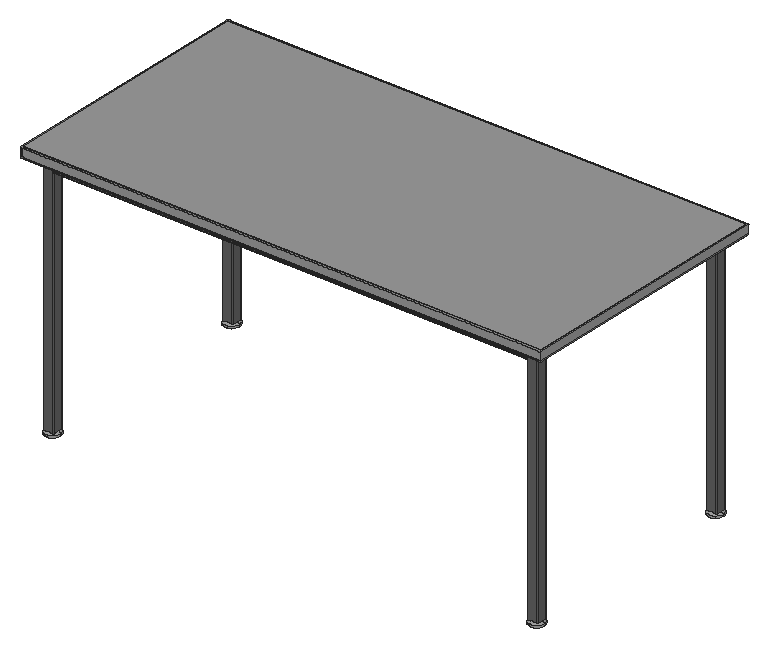
Revit family "Tutor 6030", category Generic Models, Revit 2018
Family settings
  Can host rebar = No
  Round Connector Dimension = Use Diameter
  Part Type = Normal
  Work Plane-Based = No
  Always vertical = Yes
  Cut with Voids When Loaded = No
  Shared = No
  Room Calculation Point = No
Parameters
  Surface = Tutor 6030 Surface
  Frame Finish = Tutor Frame Charcoal
  Edgeband = Tutor 6030 Edgeband
Reference planes (in)
  plane 1 "Center (Front/Back)": y = 0
  plane 2: z = 0
  plane 3 "Center (Left/Right)": x = 0
Forms (in)
  Extrusion 1, solid, material "Tutor Frame Charcoal" <- "Frame Finish"
    sketch origin (0, 0, -7) x (0, 1, 0) y (0, 0, 1)
      loop
        arc (13.4, 34.29492) -> (13.47071, 34.32421) -> (13.5, 34.39492) r 0.1
        line (13.5, 34.39492) -> (13.5, 35.44492)
        arc (13.5, 35.44492) -> (13.47071, 35.51563) -> (13.4, 35.54492) r 0.1
        line (13.4, 35.54492) -> (12.35, 35.54492)
        arc (12.35, 35.54492) -> (12.27929, 35.51563) -> (12.25, 35.44492) r 0.1
        line (12.25, 35.44492) -> (12.25, 34.39492)
        arc (12.25, 34.39492) -> (12.27929, 34.32421) -> (12.35, 34.29492) r 0.1
        line (12.35, 34.29492) -> (13.4, 34.29492)
      loop
        line (-13.4, 34.29492) -> (-12.35, 34.29492)
        arc (-12.35, 34.29492) -> (-12.27929, 34.32421) -> (-12.25, 34.39492) r 0.1
        line (-12.25, 34.39492) -> (-12.25, 35.44492)
        arc (-12.25, 35.44492) -> (-12.27929, 35.51563) -> (-12.35, 35.54492) r 0.1
        line (-12.35, 35.54492) -> (-13.4, 35.54492)
        arc (-13.4, 35.54492) -> (-13.47071, 35.51563) -> (-13.5, 35.44492) r 0.1
        line (-13.5, 35.44492) -> (-13.5, 34.39492)
        arc (-13.5, 34.39492) -> (-13.47071, 34.32421) -> (-13.4, 34.29492) r 0.1
    from -27.25 to 27.25
  Extrusion 2, solid, material "Tutor Frame Charcoal" <- "Frame Finish"
    sketch origin (0, 0, -7) x (1, 0, 0) y (0, 0, 1)
      loop
        arc (-27.35, 34.29492) -> (-27.27929, 34.32421) -> (-27.25, 34.39492) r 0.1
        line (-27.25, 34.39492) -> (-27.25, 35.44492)
        arc (-27.25, 35.44492) -> (-27.27929, 35.51563) -> (-27.35, 35.54492) r 0.1
        line (-27.35, 35.54492) -> (-28.4, 35.54492)
        arc (-28.4, 35.54492) -> (-28.47071, 35.51563) -> (-28.5, 35.44492) r 0.1
        line (-28.5, 35.44492) -> (-28.5, 34.39492)
        arc (-28.5, 34.39492) -> (-28.47071, 34.32421) -> (-28.4, 34.29492) r 0.1
        line (-28.4, 34.29492) -> (-27.35, 34.29492)
      loop
        line (27.35, 34.29492) -> (28.4, 34.29492)
        arc (28.4, 34.29492) -> (28.47071, 34.32421) -> (28.5, 34.39492) r 0.1
        line (28.5, 34.39492) -> (28.5, 35.44492)
        arc (28.5, 35.44492) -> (28.47071, 35.51563) -> (28.4, 35.54492) r 0.1
        line (28.4, 35.54492) -> (27.35, 35.54492)
        arc (27.35, 35.54492) -> (27.27929, 35.51563) -> (27.25, 35.44492) r 0.1
        line (27.25, 35.44492) -> (27.25, 34.39492)
        arc (27.25, 34.39492) -> (27.27929, 34.32421) -> (27.35, 34.29492) r 0.1
    from -12.25 to 12.25
  Extrusion 3, solid, material "Tutor 6030 Surface" <- "Surface"
    sketch origin (0, 0, -7) x (1, 0, 0) y (0, 1, 0)
      loop
        line (29.88189, 14.79339) -> (-29.88189, 14.79339) -> (-29.88189, -14.79339) -> (29.88189, -14.79339) -> (29.88189, 14.79339)
    from 35.54492 to 36.74492
  Sweep 4, solid, material "Tutor 6030 Edgeband" <- "Edgeband"
    path origin (0, 0, -7) x (1, 0, 0) y (0, 1, 0)
      loop
        line (29.88189, 14.79339) -> (-29.88189, 14.79339) -> (-29.88189, -14.79339) -> (29.88189, -14.79339) -> (29.88189, 14.79339)
    profile origin (0, 14.79339, -7) x (0, -1, 0) y (0, 0, 1)
      loop
        arc (0, 36.74492) -> (-0.08352, 36.71033) -> (-0.11811, 36.62681) r 0.11811
        line (-0.11811, 36.62681) -> (-0.11811, 35.66303)
        arc (-0.11811, 35.66303) -> (-0.08352, 35.57952) -> (0, 35.54492) r 0.11811
        line (0, 35.54492) -> (0, 36.74492)
  Extrusion 5, solid, material "Tutor Frame Charcoal" <- "Frame Finish"
    sketch origin (0, 0, -7) x (1, 0, 0) y (0, 1, 0)
      loop
        line (-27.375, 13.5) -> (-28.375, 13.5)
        arc (-28.375, 13.5) -> (-28.46339, 13.46339) -> (-28.5, 13.375) r 0.125
        line (-28.5, 13.375) -> (-28.5, 12.375)
        arc (-28.5, 12.375) -> (-28.46339, 12.28661) -> (-28.375, 12.25) r 0.125
        line (-28.375, 12.25) -> (-27.375, 12.25)
        arc (-27.375, 12.25) -> (-27.28661, 12.28661) -> (-27.25, 12.375) r 0.125
        line (-27.25, 12.375) -> (-27.25, 13.375)
        arc (-27.25, 13.375) -> (-27.28661, 13.46339) -> (-27.375, 13.5) r 0.125
      loop
        arc (27.375, 13.5) -> (27.28661, 13.46339) -> (27.25, 13.375) r 0.125
        line (27.25, 13.375) -> (27.25, 12.375)
        arc (27.25, 12.375) -> (27.28661, 12.28661) -> (27.375, 12.25) r 0.125
        line (27.375, 12.25) -> (28.375, 12.25)
        arc (28.375, 12.25) -> (28.46339, 12.28661) -> (28.5, 12.375) r 0.125
        line (28.5, 12.375) -> (28.5, 13.375)
        arc (28.5, 13.375) -> (28.46339, 13.46339) -> (28.375, 13.5) r 0.125
        line (28.375, 13.5) -> (27.375, 13.5)
      loop
        arc (-27.375, -13.5) -> (-27.28661, -13.46339) -> (-27.25, -13.375) r 0.125
        line (-27.25, -13.375) -> (-27.25, -12.375)
        arc (-27.25, -12.375) -> (-27.28661, -12.28661) -> (-27.375, -12.25) r 0.125
        line (-27.375, -12.25) -> (-28.375, -12.25)
        arc (-28.375, -12.25) -> (-28.46339, -12.28661) -> (-28.5, -12.375) r 0.125
        line (-28.5, -12.375) -> (-28.5, -13.375)
        arc (-28.5, -13.375) -> (-28.46339, -13.46339) -> (-28.375, -13.5) r 0.125
        line (-28.375, -13.5) -> (-27.375, -13.5)
      loop
        line (27.375, -13.5) -> (28.375, -13.5)
        arc (28.375, -13.5) -> (28.46339, -13.46339) -> (28.5, -13.375) r 0.125
        line (28.5, -13.375) -> (28.5, -12.375)
        arc (28.5, -12.375) -> (28.46339, -12.28661) -> (28.375, -12.25) r 0.125
        line (28.375, -12.25) -> (27.375, -12.25)
        arc (27.375, -12.25) -> (27.28661, -12.28661) -> (27.25, -12.375) r 0.125
        line (27.25, -12.375) -> (27.25, -13.375)
        arc (27.25, -13.375) -> (27.28661, -13.46339) -> (27.375, -13.5) r 0.125
    from 7.41992 to 35.54492
  Revolve 6, solid, material "Tutor Frame Platinum"
    sketch origin (0, -12.875, 0) x (1, 0, 0) y (0, 0, 1)
      loop
        line (-27.875, 0.41992) -> (-27.875, 0) -> (-27.00001, 0) -> (-27.00001, 0.16993) -> (-27.25, 0.41992) -> (-27.875, 0.41992)
      axis (-27.875, 0.41992) -> (-27.875, 0)
    angle from 0 to 360
  Revolve 7, solid, material "Tutor Frame Platinum"
    sketch origin (0, 12.875, 0) x (1, 0, 0) y (0, 0, -1)
      loop
        line (-27.875, -0.41992) -> (-27.25, -0.41992) -> (-27.00001, -0.16993) -> (-27.00001, 0) -> (-27.875, 0) -> (-27.875, -0.41992)
      axis (-27.875, -0.41992) -> (-27.875, 0)
    angle from 0 to 360
  Revolve 8, solid, material "Tutor Frame Platinum"
    sketch origin (0, 12.875, 0) x (-1, 0, 0) y (0, 0, 1)
      loop
        line (-27.875, 0.41992) -> (-27.875, 0) -> (-27.00001, 0) -> (-27.00001, 0.16993) -> (-27.25, 0.41992) -> (-27.875, 0.41992)
      axis (-27.875, 0.41992) -> (-27.875, 0)
    angle from 0 to 360
  Revolve 9, solid, material "Tutor Frame Platinum"
    sketch origin (0, -12.875, 0) x (-1, 0, 0) y (0, 0, -1)
      loop
        line (-27.875, -0.41992) -> (-27.25, -0.41992) -> (-27.00001, -0.16993) -> (-27.00001, 0) -> (-27.875, 0) -> (-27.875, -0.41992)
      axis (-27.875, -0.41992) -> (-27.875, 0)
    angle from 0 to 360
Dimensions and locks (in)
  aligned and locked: plane 2 to level
